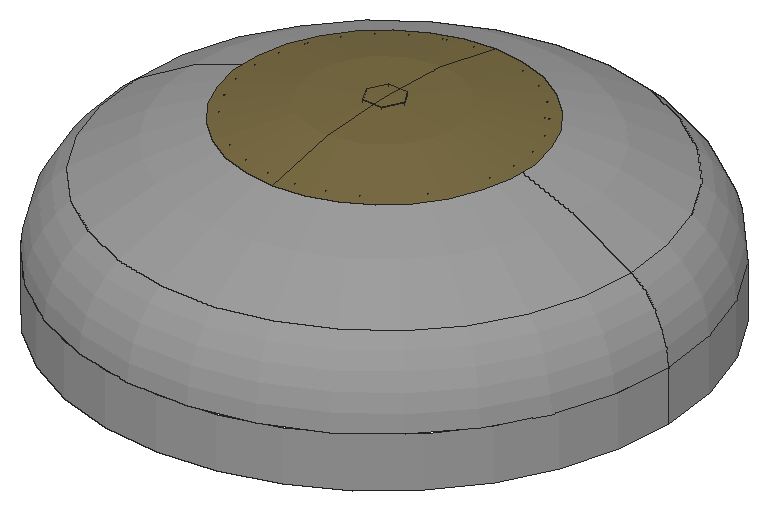
Revit family "MaviGard yangın alarm zili", category Fire Alarm Devices, host Face, Revit 2021
Family settings
  Host = Face
  Maintain Annotation Orientation = Yes
  Round Connector Dimension = Use Diameter
  Part Type = Normal
  OmniClass Number = 23.85.30.21
  OmniClass Title = Environmental Detection/Registration
  Cut with Voids When Loaded = No
  Shared = No
  Room Calculation Point = No
Parameters (values of type "MaviGard konvansiyonel yangın alarm zili")
  Weight = "610 gr"
  Weatherproof surface mounting back box = ""
  Warranty Duration Unit = "Year"
  Warranty Duration Parts = "2"
  Warranty Duration Labor = "2"
  Version = ""
  URL = "https://www.mavili.com.tr/"
  Recessed mounting base = ""
  Public Works Pose Number = "833-598"
  Protection Sign = "IP 51"
  Product Code = "MG-5400"
  Phone Number = "(+)90 216 466 45 05"
  Operatonal Voltage (default) = "24 V/DC"
  Operating voltage range = "18-33V/DC"
  Operating temperature = "(-10°C) - (+55°C)"
  Nominal Depth = "55 mm"
  Nominal Width = "150 mm"
  Nominal Height = "150 mm"
  Mounting surface = "Duvara montaj"
  Mounting height = "Zeminden 2,4 m yukarıda"
  Model = "MaviGard"
  Manufacturer = "Mavili Elektronik Ticaret A.Ş."
  Installation Manual = "https://mavilielektronik.com/Revit/MG5400_kk.pdf"
  Indicator output = ""
  Fax Number = "(+)90 216 466 45 10"
  External supply = ""
  Email = "mavili@mavili.com.tr"
  Disclaimer = ""
  Device Adress Setup = ""
  Description = "Yangın alarm zili"
  Default Elevation = 0 mm
  Current consumption = ""
  Cost unıt = ""
  Cost = 0
  Compatible sockets = ""
  Color = "Kırmızı"
  Code Performance = "EN 54-3"
  Main Material = "Red Metal"
  Secondary Material = "Metal"
  Address line 1 = "Şerifali Mahallesi Kutup Sokak No:27/1-2-4 Ümraniye TR-34775 İSTANBUL"
Reference planes
  plane 1 "Center (Front/Back)": y = 0
  plane 2: z = 0
  plane 3 "Center (Left/Right)": x = 0
Forms (mm)
  Revolve 1, solid, material "zil"
    sketch origin (0, 0, 5) x (1, 0, 0) y (0, 0, 1)
      loop
        line (0, 50) -> (0, 0) -> (75, 0) -> (75, 13.378)
        arc (75, 13.378) -> (72.352, 23.98) -> (65.327, 32.351) r 24.31
        arc (65.327, 32.351) -> (34.125, 46.583) -> (0, 50) r 104.989
      axis (0, 0) -> (0, 50)
    angle from 0 to 360
  Extrusion 2, solid, material "Mavili elektronik 1.renk"
    sketch origin (0, 0, 0) x (1, 0, 0) y (0, 1, 0)
      loop
        line (-35, 25) -> (-35, -25) -> (35, -25) -> (35, 25) -> (-35, 25)
    from 0 to 5
  Extrusion 3, solid, material "Mavili elektronik 1.renk"
    sketch origin (-889.532, -7731.113, 55) x (1, 0, 0) y (0, 1, 0)
      loop
        line (894.532, 7731.503) -> (892.032, 7735.833) -> (887.032, 7735.833) -> (884.532, 7731.503) -> (887.032, 7727.173) -> (892.032, 7727.173) -> (894.532, 7731.503)
    from 0 to 1
  Revolve 4, solid, material "Zil siyah"
    sketch origin (0, 0, 0.1) x (0, 1, 0) y (0, 0, 1)
      loop
        arc (0, 55.5) -> (-18.54, 54.874) -> (-36.682, 50.998) r 105.073
        line (-36.682, 50.998) -> (0, 50.998) -> (0, 55.5)
      axis (0, 50.998) -> (0, 55.5)
    angle from 0 to 360
Dimensions and locks
  Extrusion 3 to host face = 56 mm
  aligned and locked: plane 2 to host face
  aligned and locked: level to host face
  aligned and locked: Revolve 1 to Extrusion 2
